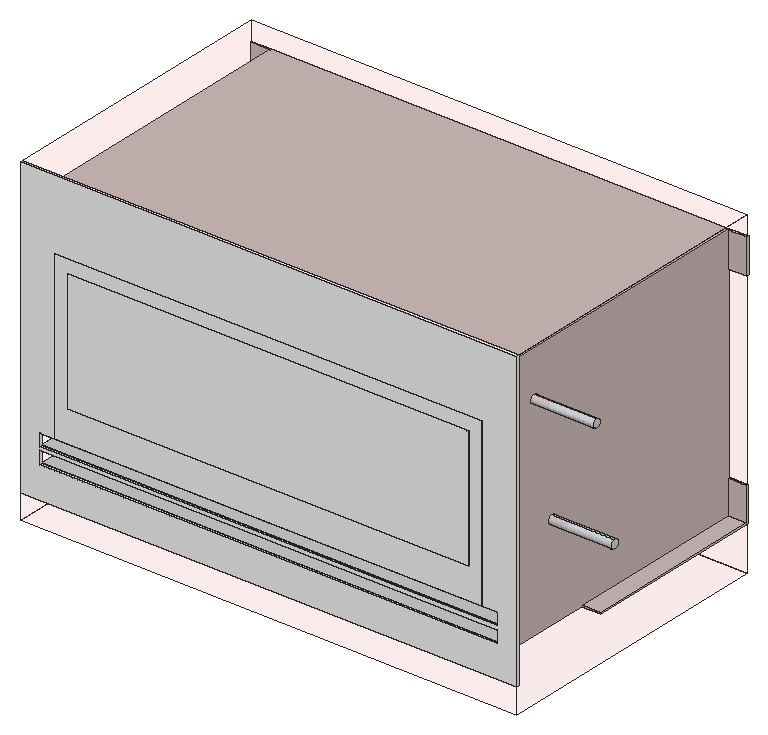
Revit family "Air-Curtain_Customer-Entry_PoweredAire_ECC-ST", category Mechanical Equipment, host Face, Revit 2022
Family settings
  Host = Face
  Round Connector Dimension = Use Diameter
  Part Type = Normal
  OmniClass Number = 23.75.35.17.21
  OmniClass Title = Air Curtains
  Cut with Voids When Loaded = No
  Maintain Annotation Orientation = No
  Shared = No
  Room Calculation Point = No
Parameters
  upperpiperotation [instance] = if(Upper Pipe Connection Side A, 0.00°, 180.00°)  # 0.00°
  lowerpiperotation [instance] = if(Lower Pipe Connection Side A, 0.00°, 180.00°)  # 0.00°
  locateupperpipe [instance] = if(Upper Pipe Connection Side A, 0' 0", Nozzle Width)  # 0' - 0"
  locatelowerpipe [instance] = if(Lower Pipe Connection Side A, 0' 0", Nozzle Width)  # 0' - 0"
  Warranty Duration (Years) = 0
  Upper Pipe Connection Side A [instance] = yes
  Unit Width Notes = "Other Widths available."  # constant formula
  Unit Width = 3' - 3"
  Unit Weight = 0
  Unit Height = 1' - 10 3/4"
  Unit Depth = 1' - 11 1/4"
  URL = "http://www.poweredaire.com/"
  Test Data = ""
  Standards Conformance = "as Specified"
  Specification = "http://www.arcat.com/sdspecs/htm04/23_34_33pai.htm"
  SpecWizard = ""
  Sound Pressure = "as Specified"
  Sales Information = "http://www.poweredaire.com/contact_us"
  Revision = "R1_2016-08"
  Projection from Host [instance] = 0' - 2"
  Product Properties = ""
  Product Data = "http://www.arcat.com/arcatcos/cos47/arc47623.html"
  Power Rating = 0 W
  Piping_Water Flow [instance] = 0 GPM
  Piping_Operating Pressure [instance] = 0.00 psi
  Piping_Exit Temperature [instance] = 0 °F
  Piping_Entry Temperature [instance] = 0 °F
  Pipe OD [instance] = 5/8"
  Nozzle Width = if(1 = 1, Unit Width - 0' 3", 0' 0")  # 3' - 0"
  Mounting Width = if(1 = 1, Unit Width - 0' 1 1/2", 0' 0")  # 3' - 1 1/2"
  Mounting Height [instance] = 3' - 6"
  Motor RPM = 0
  Motor HP = 0
  Motor Count = 0
  Model = "As Specified"
  Max Height = 0' - 0"
  Manufacturer Website = "http://www.poweredaire.com/"
  Manufacturer Phone - Toll Free = "888-321-2473"
  Manufacturer Phone = "724-588-3305"
  Manufacturer Fax = "724-588-3371"
  Manufacturer Address = "109 Mortensen Rd.  Greenville, PA 16125"
  Manufacturer = "Powered Aire, Inc"
  Maintenance Schedule (Months) = 0
  Lower Pipe Connection Side A [instance] = yes
  Keynote = "23 34 33"
  Installation-Fabrication = ""
  Installation Phase = ""
  Include Clearance [instance] = yes
  Heating Element Load = 0 W
  HVAC_Temperature Rise = 0 °F
  HVAC_Outlet Volume = 0 CFM
  HVAC_Outlet Velocity Uniformity = 0
  HVAC_Outlet Velocity = 0 FPM
  HVAC_BTU Input = 0.0 Btu/h
  Green Building-LEED = "http://www.arcat.com/green/clients/leed_data_47623.html"
  Front Grating Material [instance] = Metal - Steel - PoweredAire - White Perforated
  Frame Finish [instance] = Metal - Steel - PoweredAire - Stainless 304
  Expected Lifespan (Years) = 0
  Electrical_Wattage [instance] = Power Rating + Heating Element Load  # 0 W
  Electrical_Voltage [instance] = 0 V
  Electrical_Phase [instance] = 1
  Electrical_Frequency [instance] = 0 Hz
  Electrical_Amperage [instance] = 0 A
  Drawn By = "Sumex Design, Inc. / Robert S. Weygant, CSI, CDT, SCIP"
  Description = "Powered Aire Air Curtain as Specified"
  Default Elevation = 0' - 0"  # constant formula
  Cover Finish [instance] = Metal - Steel - PoweredAire - White
  Copyright = "©Arcat Inc."
  Construction Details = "http://www.arcat.com/details/powair/prod3336.html"
  Clearance_Top [instance] = 0' - 0"
  Clearance_Side B [instance] = 0' - 0"
  Clearance_Side A [instance] = 0' - 0"
  Clearance_Intake [instance] = 0' - 0"
  Clearance_Front [instance] = 0' - 0"
  Clearance Material [instance] = ARCAT Clearance
  Building Codes = ""
  Available Options [instance] = "as Specified"
  Assembly Code = "D3090400"
Reference planes (in)
  plane 1 "Center (Elevation)": y = 11.51318
  plane 2: z = 0
  plane 3 "Center (Left/Right)": x = 0
  plane 4: y = 22.88818
  plane 5: y = 0.13818
  plane 6: x = -19.5
  plane 7: x = 19.5
  plane 8: z = 25.25
  plane 9 "FF": y = -41.86182
  plane 10: z = 2
  plane 11: x = 18
  plane 12: x = -18
  plane 13: y = 22.88818
  plane 14: y = 0.13818
  plane 15: x = -19.5
  plane 16: x = 19.5
  plane 17: z = 25.25
  plane 18: y = 0.38818
  plane 19: x = 18
  plane 20: x = 18
  plane 21: z = 20.25
  plane 22: z = 11
Forms (in)
  Extrusion 1, solid, material "ARCAT Clearance" <- "Clearance Material", visible <- "Include Clearance"
    sketch origin (0, 0, 0) x (0, 1, 0) y (0, 0, 1)
      loop
        line (0.13818, 25.25) -> (0.13818, 0) -> (22.88818, 0) -> (22.88818, 25.25) -> (0.13818, 25.25)
    from -19.5 to 19.5
  Extrusion 2, solid, material "Metal - Steel - PoweredAire - White" <- "Cover Finish"
    sketch origin (0, 11.51318, 0) x (1, 0, 0) y (0, 0, 1)
      loop
        line (-19.5, 25.25) -> (-19.5, 2) -> (19.5, 2) -> (19.5, 25.25) -> (-19.5, 25.25)
    from 11.125 to 11.375
  Extrusion 3, solid, material "Metal - Steel - PoweredAire - Stainless 304" <- "Frame Finish"
    sketch origin (0, 11.51318, 0) x (1, 0, 0) y (0, 0, 1)
      loop
        line (18, 23.75) -> (-18, 23.75) -> (-18, 3.5) -> (18, 3.5) -> (18, 23.75)
    from -11.375 to 11.125
  Extrusion 4, void
    sketch origin (0, 0, 0) x (0, 1, 0) y (0, 0, 1)
      loop
        line (0.13818, 5.5) -> (0.13818, 4.5) -> (1.88818, 4.5) -> (1.88818, 6.75) -> (0.13818, 6.75) -> (0.13818, 5.75) -> (1.63818, 5.75) -> (1.63818, 5.5) -> (0.13818, 5.5)
    from -18 to 18
  Extrusion 5, solid, material "Metal - Steel - PoweredAire - White" <- "Cover Finish"
    sketch origin (-11.83813, 0.13818, 48) x (-1, 0, 0) y (0, 0, 1)
      loop
        line (4.91187, -41.25) -> (4.91187, -28.25) -> (-28.58813, -28.25) -> (-28.58813, -41.25) -> (4.91187, -41.25)
    from 0 to -0.03125
  Extrusion 6, solid, material "Metal - Steel - PoweredAire - White Perforated" <- "Front Grating Material"
    sketch origin (-11.83813, 0.10693, 48) x (1, 0, 0) y (0, 0, 1)
      loop
        line (-3.91187, -29.25) -> (-3.91187, -38.75) -> (27.58813, -38.75) -> (27.58813, -29.25) -> (-3.91187, -29.25)
    from 0 to 0.03125
  Extrusion 7, solid, material "Metal - Steel - PoweredAire - Stainless 304" <- "Frame Finish"
    sketch origin (-15.17702, -180, 2) x (-1, 0, 0) y (0, -1, 0)
      loop
        line (-33.17702, -202.88818) -> (-33.17702, -188.38818) -> (-34.67702, -188.38818) -> (-34.67702, -202.88818) -> (-33.17702, -202.88818)
      loop
        line (2.82298, -202.88818) -> (4.32298, -202.88818) -> (4.32298, -188.38818) -> (2.82298, -188.38818) -> (2.82298, -202.88818)
    from 1.5 to 1.625
  Extrusion 8, solid, material "Metal - Steel - PoweredAire - Stainless 304" <- "Frame Finish"
    sketch origin (-11.83813, 22.88818, 48) x (-1, 0, 0) y (0, 0, 1)
      loop
        line (7.66187, -44.5) -> (7.66187, -41.75) -> (6.16187, -41.75) -> (6.16187, -44.5) -> (7.66187, -44.5)
      loop
        line (-31.33813, -44.5) -> (-29.83813, -44.5) -> (-29.83813, -41.75) -> (-31.33813, -41.75) -> (-31.33813, -44.5)
      loop
        line (7.66187, -27) -> (7.66187, -24.25) -> (6.16187, -24.25) -> (6.16187, -27) -> (7.66187, -27)
      loop
        line (-31.33813, -27) -> (-29.83813, -27) -> (-29.83813, -24.25) -> (-31.33813, -24.25) -> (-31.33813, -27)
    from 0 to -0.125
  Sweep 9, solid
    path origin (18, 11.51318, 20.25) x (1, 0, 0) y (0, 0, 1)
      loop
        line (0, 0) -> (5, 0)
    profile origin (20.5, 11.51318, 20.25) x (0, 0, 1) y (0, -1, 0)
      loop
        circle (0, 7.875) r 0.3125
  Sweep 10, solid
    path origin (18, 11.51318, 11) x (1, 0, 0) y (0, 0, 1)
      loop
        line (0, 0) -> (5, 0)
    profile origin (20.5, 11.51318, 11) x (0, 0, 1) y (0, -1, 0)
      loop
        circle (0, 6.125) r 0.3125
Cuts and joins
  Extrusion 4 cuts Extrusion 1
  Extrusion 4 cuts Extrusion 2
  Extrusion 4 cuts Extrusion 3
Lines and regions (in)
  reference lines
    curve 1: line (18, 11.51318, 20.25) -> (25.75, 11.51318, 20.25)
    curve 2: line (18, 11.51318, 11) -> (26.25, 11.51318, 11)
Dimensions and locks (in)
  equal spacing: plane 4, plane 1 "Center (Elevation)", plane 5
  "Unit Height": plane 4 to plane 5
  equal spacing: plane 6, plane 3 "Center (Left/Right)", plane 7
  "Unit Width": plane 6 to plane 7
  "Mounting Height": plane 5 to plane 9 "FF"
  "Projection from Host": plane 10 to level
  "Unit Depth": plane 8 to plane 10
  locked: plane 6 to plane 12 at 1.5
  locked: plane 11 to plane 7 at 1.5
  "Clearance_Side A": plane 7 to plane 16
  "Clearance_Side B": plane 15 to plane 6
  "Clearance_Top": plane 13 to plane 4
  "Clearance_Intake": plane 5 to plane 14
  "Clearance_Front": plane 17 to plane 8
  locked: plane 8 to Extrusion 3 sketch curve at 1.5
  locked: Extrusion 3 sketch curve to plane 10 at 1.5
  locked: plane 7 to Extrusion 3 sketch curve at 1.5
  locked: Extrusion 3 sketch curve to plane 6 at 1.5
  locked: plane 18 to plane 5 at 0.25
  Extrusion 4 sketch curve to Extrusion 4 sketch curve to Extrusion 4 sketch curve to Extrusion 4 sketch curve to plane 10 = 0' - 1" locked, 0' - 0 1/4" locked, 0' - 1" locked, 0' - 2 1/2" locked
  Extrusion 5 sketch curve to Extrusion 5 sketch curve to plane 10 = 1' - 1" locked, 0' - 4 3/4" locked
  locked: plane 11 to Extrusion 5 sketch curve at 1.25
  locked: Extrusion 5 sketch curve to plane 12 at 1.25
  Extrusion 6 sketch curve to Extrusion 6 sketch curve to plane 10 = 0' - 9 1/2" locked, 0' - 7 1/4" locked
  locked: Extrusion 6 sketch curve to plane 12 at 2.25
  locked: plane 11 to Extrusion 6 sketch curve at 2.25
  locked: plane 4 to Extrusion 7 sketch curve at 14.5  (x2)
  Extrusion 8 sketch curve to Extrusion 8 sketch curve to Extrusion 8 sketch curve to Extrusion 8 sketch curve to plane 10 = 0' - 2 3/4" locked, 1' - 2 3/4" locked, 0' - 2 3/4" locked, 0' - 1 1/2" locked  (x2)
  "locatelowerpipe": plane 19 to plane 11
  "locateupperpipe": plane 20 to plane 11
  locked: plane 8 to plane 21 at 5
  locked: plane 22 to plane 10 at 9
  locked: curve 1 to Sweep 9 sketch curve at 5
  locked: curve 1 to Sweep 9 sketch curve
  locked: curve 2 to Sweep 10 sketch curve at 5
  locked: curve 2 to Sweep 10 sketch curve
  locked: plane 5 to Sweep 9 sketch curve at 3.5
  locked: plane 5 to Sweep 10 sketch curve at 5.25
  "lowerpiperotation": angle plane 21 to curve 1
  "upperpiperotation": angle plane 22 to curve 2
  aligned and locked: plane 2 to host face
  aligned and locked: level to host face
  aligned and locked: Extrusion 1 sketch curve to plane 17
  aligned and locked: plane 14 to Extrusion 1 sketch curve
  aligned and locked: level to Extrusion 1 sketch curve
  aligned and locked: Extrusion 1 sketch curve to plane 13
  aligned and locked: plane 16 to Extrusion 1
  aligned and locked: Extrusion 1 to plane 15
  aligned and locked: Extrusion 2 sketch curve to plane 8
  aligned and locked: plane 6 to Extrusion 2 sketch curve
  aligned and locked: Extrusion 2 sketch curve to plane 10
  aligned and locked: Extrusion 2 sketch curve to plane 7
  aligned and locked: Extrusion 3 to plane 4
  aligned and locked: Extrusion 3 to plane 18
  aligned and locked: Extrusion 2 to plane 18
  aligned and locked: Extrusion 2 to plane 5
  aligned and locked: plane 11 to Extrusion 4
  aligned and locked: Extrusion 4 to plane 12
  aligned and locked: Extrusion 7 sketch curve to plane 4  (x2)
  aligned and locked: plane 20 to curve 2
  aligned and locked: plane 22 to curve 2
  aligned and locked: plane 19 to curve 1
  aligned and locked: plane 21 to curve 1
Automatic sketch dimensions
  host sketch curve to host sketch curve = 8' - 0"  (x2)
  Extrusion 4 sketch curve to plane 5 = 0' - 0"  (x2)
  plane 18 to Extrusion 4 sketch curve = 0' - 1 1/4"
  Extrusion 4 sketch curve to Extrusion 4 sketch curve = 0' - 0 1/4"
  Extrusion 7 sketch curve to plane 7 = 0' - 0"
  Extrusion 7 sketch curve to plane 11 = 0' - 0"
  Extrusion 7 sketch curve to plane 12 = 0' - 0"
  Extrusion 7 sketch curve to plane 6 = 0' - 0"
  Extrusion 8 sketch curve to plane 7 = 0' - 0"  (x2)
  Extrusion 8 sketch curve to plane 11 = 0' - 0"  (x2)
  Extrusion 8 sketch curve to plane 12 = 0' - 0"  (x2)
  Extrusion 8 sketch curve to plane 6 = 0' - 0"  (x2)
  profile plane to Sweep 9 sketch curve = 0' - 0"
  profile plane to Sweep 10 sketch curve = 0' - 0"
  radius of Sweep 9 sketch curve = 0' - 0 5/16"
  radius of Sweep 10 sketch curve = 0' - 0 5/16"
Connectors (in)
  electrical at (-18, 6.38818, 9.625), driven by "Electrical_Voltage", driven by "Electrical_Phase"
    settings: on cut or joined group of Extrusion 3, Extrusion 4, index 1, voltage 0 V, apparent load 0 VA, apparent load phase1 0 VA, apparent load phase2 0 VA, apparent load phase3 0 VA, power factor 1, load classification "Other", number of poles 1, system type 31, power factor state 1, is connector primary yes, connector utility no, sub classification motor no, connector description ""
  piping at (23, 3.63818, 20.25), diameter 0.625, driven by "Pipe OD"
    settings: on Sweep 9, index 2, connector inside diameter 24", connector length 0' - 0", flow factor 0, pipe flow 0 GPM, pressure drop 0.00 psi, fitting loss kfactor 0, connector angle 0.00°, fixture units 0, engagement length 0' - 0", angle of deflection 0.00°, flow configuration 0, flow direction 0, fitting loss method 0, system type 29, joint type 0, gender type 0, connector reference index -1, connector utility 0, adjustable connector no, is connector primary no, connector description "Define Supply or Return and Location"
  piping at (23, 5.38818, 11), diameter 0.625, driven by "Pipe OD"
    settings: on Sweep 10, index 3, connector inside diameter 24", connector length 0' - 0", flow factor 0, pipe flow 0 GPM, pressure drop 0.00 psi, fitting loss kfactor 0, connector angle 0.00°, fixture units 0, engagement length 0' - 0", angle of deflection 0.00°, flow configuration 0, flow direction 0, fitting loss method 0, system type 29, joint type 0, gender type 0, connector reference index -1, connector utility 0, adjustable connector no, is connector primary yes, connector description "Define Supply or Return and Location"
